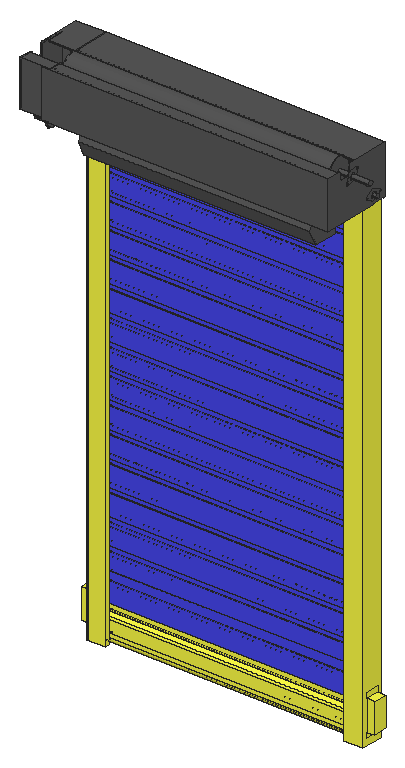
Revit family "Door_Overhead_WD_High-Speed-Doors-887", category Doors, host Wall, Revit 2018 (continued)
Definition of nested family "Roller Box"
  Dimensions and locks (in)
    locked: Extrusion 16 sketch curve to plane 9 at 0.94392  (x2)
    Revolve 8 sketch curve to Revolve 8 sketch curve to plane 25 = 1.36201" locked, 2.26356" locked
    locked: plane 13 to plane 39 "Center L/T" at 0.22803
    locked: plane 40 to plane 10 at 0.25
    locked: plane 9 to plane 41 at 4.20062
    "D": plane 43 to plane 42
    "A": plane 8 to plane 33
    locked: plane 8 to plane 36 at 1.9964
    locked: plane 45 "Center L/V" to plane 4 "Left" at 4.25
    locked: plane 5 "Right" to plane 44 "Center L/U" at 4.25
    plane 10 to plane 45 "Center L/V" = 20.03187"
    plane 44 "Center L/U" to plane 18 "9" = 17.875"
    plane 13 to plane 18 "9" = 9.12499"
    aligned and locked: plane 2 to level
    aligned and locked: plane 16 "5" to Extrusion 1
    aligned and locked: plane 9 to Extrusion 3 sketch curve
    aligned and locked: plane 8 to Extrusion 3 sketch curve
    aligned and locked: plane 19 to Extrusion 4 sketch curve  (x2)
    aligned and locked: Extrusion 4 to plane 6
    aligned and locked: Extrusion 3 to plane 6
    aligned and locked: Extrusion 4 to plane 15 "4"
    aligned and locked: Extrusion 2 to plane 5 "Right"
    aligned and locked: plane 4 "Left" to Extrusion 2
    aligned and locked: plane 19 to Extrusion 5 sketch curve
    aligned and locked: plane 19 to Extrusion 6 sketch curve
    aligned and locked: Extrusion 6 to plane 18 "9"
    aligned and locked: plane 20 to Extrusion 7 sketch curve
    aligned and locked: Extrusion 7 to plane 17 "8"
    aligned and locked: Revolve 8 sketch curve to plane 25
    aligned and locked: Extrusion 11 sketch curve to plane 24 "13"
    aligned and locked: plane 26 "14" to Extrusion 11 sketch curve
    aligned and locked: Extrusion 11 to plane 20
    aligned and locked: Extrusion 5 to plane 15 "4"
    aligned and locked: Extrusion 5 to plane 7
    aligned and locked: Extrusion 12 to plane 22 "11"
    aligned and locked: Extrusion 3 to plane 13
    aligned and locked: Extrusion 2 sketch curve to plane 14 "2"
    aligned and locked: Extrusion 2 sketch curve to plane 9
    aligned and locked: plane 30 to Extrusion 4 sketch curve  (x2)
    aligned and locked: plane 30 to Extrusion 5 sketch curve
    aligned and locked: plane 30 to Extrusion 6 sketch curve
    aligned and locked: plane 13 to Extrusion 16
    aligned and locked: Extrusion 16 to plane 12
    aligned and locked: Extrusion 15 to plane 11
    aligned and locked: Extrusion 15 to plane 10
    aligned and locked: plane 32 to Extrusion 7 sketch curve
    aligned and locked: plane 8 to Extrusion 17 sketch curve
    aligned and locked: Extrusion 17 to plane 10
    aligned and locked: plane 6 to Extrusion 17
    aligned and locked: Extrusion 15 sketch curve to Extrusion 17
    aligned and locked: plane 8 to Extrusion 11
    aligned and locked: Extrusion 3 to plane 9  (x2)
    aligned and locked: Extrusion 3 sketch curve to Extrusion 1
    aligned and locked: Extrusion 16 to Extrusion 3
    aligned and locked: Revolve 9 sketch curve to plane 9
    aligned and locked: Extrusion 17 to Revolve 9 sketch curve
    aligned and locked: Extrusion 10 sketch curve to plane 20
    aligned and locked: level to plane 33
    aligned and locked: Extrusion 1 to plane 13
    aligned and locked: plane 32 to Extrusion 18 sketch curve
    aligned and locked: plane 20 to Extrusion 18 sketch curve
    aligned and locked: Extrusion 18 to plane 7
    aligned and locked: Extrusion 19 sketch curve to plane 12
    aligned and locked: plane 37 to Extrusion 19
    aligned and locked: Extrusion 20 to plane 6
    aligned and locked: plane 7 to Extrusion 20
    aligned and locked: Extrusion 3 to plane 1 "Center (Front/Back)"
    aligned and locked: Extrusion 20 to Extrusion 21 sketch curve
    aligned and locked: plane 25 to Extrusion 21 sketch curve
    aligned and locked: plane 37 to Extrusion 21 sketch curve
    aligned and locked: Extrusion 21 to plane 6
    aligned and locked: plane 32 to Extrusion 3 sketch curve
    aligned and locked: Extrusion 1 to Extrusion 17
    aligned and locked: Extrusion 22 to Extrusion 1
    aligned and locked: Extrusion 22 to plane 12
    aligned and locked: Extrusion 22 to plane 7
    aligned and locked: Extrusion 23 sketch curve to Extrusion 1
    aligned and locked: Extrusion 1 to Extrusion 23 sketch curve
    aligned and locked: Extrusion 23 sketch curve to Extrusion 22
    aligned and locked: Extrusion 23 to plane 6
    aligned and locked: Extrusion 23 to plane 7
    aligned and locked: Extrusion 22 to Extrusion 23 sketch curve
    aligned and locked: Extrusion 22 sketch curve to Extrusion 1
    aligned and locked: plane 20 to Sweep 24 sketch curve
    aligned and locked: Sweep 24 sketch curve to plane 38
    aligned and locked: Sweep 24 sketch curve to profile plane
    aligned and locked: Extrusion 25 sketch curve to Extrusion 17
    aligned and locked: Extrusion 1 to Extrusion 25 sketch curve
    aligned and locked: Extrusion 25 sketch curve to Extrusion 23  (x2)
    aligned and locked: Extrusion 25 to plane 12
    aligned and locked: Extrusion 26 sketch curve to plane 30
    aligned and locked: Extrusion 26 sketch curve to plane 34
    aligned and locked: Extrusion 26 sketch curve to plane 20
    aligned and locked: Extrusion 26 sketch curve to plane 9
    aligned and locked: plane 12 to Sweep 27 sketch curve
    aligned and locked: plane 7 to Sweep 27 sketch curve
    aligned and locked: plane 12 to Extrusion 26
    aligned and locked: Extrusion 26 to Extrusion 25
    aligned and locked: Extrusion 28 sketch curve to plane 20
    aligned and locked: Extrusion 28 sketch curve to plane 34
    aligned and locked: Extrusion 28 sketch curve to plane 30
    aligned and locked: Extrusion 28 sketch curve to plane 9
    aligned and locked: Extrusion 28 to plane 6
    aligned and locked: plane 7 to Extrusion 28
    aligned and locked: plane 20 to Extrusion 29 sketch curve
    aligned and locked: plane 32 to Extrusion 29 sketch curve
    aligned and locked: Extrusion 29 to plane 7
    aligned and locked: plane 30 to Extrusion 30 sketch curve
    aligned and locked: plane 19 to Extrusion 30 sketch curve
    aligned and locked: Extrusion 30 to plane 13
    aligned and locked: plane 16 "5" to Extrusion 6
    aligned and locked: Revolve 8 sketch curve to Revolve 8 sketch curve
    aligned and locked: Extrusion 30 to plane 39 "Center L/T"
    aligned and locked: plane 13 to Extrusion 30
    aligned and locked: plane 20 to Extrusion 31 sketch curve  (x3)
    aligned and locked: plane 32 to Extrusion 31 sketch curve
    aligned and locked: Extrusion 31 to plane 13
    aligned and locked: Extrusion 31 to plane 39 "Center L/T"
    aligned and locked: plane 16 "5" to Extrusion 7
    aligned and locked: Extrusion 32 sketch curve to cut or joined group of Extrusion 1, Extrusion 3, Extrusion 16, Extrusion 32  (x7)
    aligned and locked: cut or joined group of Extrusion 1, Extrusion 3, Extrusion 16, Extrusion 32 to Extrusion 32 sketch curve
    aligned and locked: Extrusion 32 sketch curve to plane 31
    aligned and locked: Extrusion 32 sketch curve to plane 27
    aligned and locked: Extrusion 32 sketch curve to plane 35
    aligned and locked: Extrusion 32 to plane 6
    aligned and locked: Extrusion 32 to plane 7
    aligned and locked: plane 15 "4" to Sweep 33 sketch curve
    aligned and locked: plane 7 to Sweep 33 sketch curve
    aligned and locked: Extrusion 3 sketch curve to plane 9
    aligned and locked: Extrusion 19 to cut or joined group of Extrusion 1, Extrusion 3, Extrusion 16, Extrusion 32
    aligned and locked: Extrusion 20 to cut or joined group of Extrusion 1, Extrusion 3, Extrusion 16, Extrusion 32
    aligned and locked: plane 41 to Sweep 24 sketch curve
    aligned and locked: Extrusion 2 to plane 43
    aligned and locked: plane 42 to Extrusion 2 sketch curve
    aligned and locked: cut or joined group of Extrusion 11, Extrusion 15, Extrusion 17 to Extrusion 3 sketch curve
    aligned and locked: Extrusion 21 to plane 44 "Center L/U"
    aligned and locked: Extrusion 29 to Extrusion 21
    aligned and locked: Sweep 24 to Extrusion 21
    aligned and locked: Extrusion 18 to Extrusion 21
  Automatic sketch dimensions
    Extrusion 1 sketch curve to plane 31 = 0.000"
    Extrusion 1 sketch curve to Extrusion 1 sketch curve = 0.375"  (x2)
    plane 36 to Extrusion 1 sketch curve = 0.44032"
    plane 28 to Extrusion 1 sketch curve = 4.53019"
    plane 9 to Extrusion 1 sketch curve = 0.37492"
    plane 29 "Center L/S" to Extrusion 2 sketch curve = 0.000"
    plane 30 to Extrusion 2 sketch curve = 5.38958"  (x2)
    Extrusion 3 sketch curve to plane 1 "Center (Front/Back)" = 0.000"
    Extrusion 3 sketch curve to plane 30 = 1.51483"
    Extrusion 3 sketch curve to plane 31 = 0.000"
    plane 22 "11" to Revolve 8 sketch curve = 0.000"
    plane 21 "10" to Revolve 8 sketch curve = 0.000"
    Revolve 8 sketch curve to plane 25 = 0.000"
    plane 21 "10" to Revolve 8 sketch curve = 0.17125"
    Revolve 8 sketch curve to plane 22 "11" = 0.15565"
    Revolve 8 sketch curve to plane 18 "9" = 60.59535"
    Revolve 8 sketch curve to plane 10 = 62.60715"
    Revolve 9 sketch curve to plane 25 = 0.000"
    plane 30 to Revolve 9 sketch curve = 1.1476"
    Revolve 9 sketch curve to Revolve 9 sketch curve = 0.24397"
    Revolve 9 sketch curve to Revolve 9 sketch curve = 0.58575"
    Revolve 9 sketch curve to plane 28 = 1.38474"
    Revolve 9 sketch curve to Revolve 9 sketch curve = 0.18299"
    Revolve 9 sketch curve to plane 28 = 1.20175"
    Revolve 9 sketch curve to Revolve 9 sketch curve = 0.000"
    Revolve 9 sketch curve to Revolve 9 sketch curve = 0.11116"
    Revolve 9 sketch curve to Revolve 9 sketch curve = 0.59354"
    plane 28 to Revolve 9 sketch curve = 0.68956"
    plane 28 to Revolve 9 sketch curve = 1.56243"
    Revolve 9 sketch curve to plane 25 = 0.70237"
    Revolve 9 sketch curve to Revolve 9 sketch curve = 0.27092"
    Revolve 9 sketch curve to Revolve 9 sketch curve = 0.86398"
    plane 28 to Revolve 9 sketch curve = 2.2648"
    Revolve 9 sketch curve to level = 24.82535"
    plane 8 to Revolve 9 sketch curve = 55.89085"
    Extrusion 10 sketch curve to plane 31 = 3.87403"
    Extrusion 10 sketch curve to Extrusion 10 sketch curve = 0.37843"
    Extrusion 10 sketch curve to Extrusion 10 sketch curve = 0.08358"
    Extrusion 10 sketch curve to Extrusion 10 sketch curve = 0.79575"
    Extrusion 10 sketch curve to plane 31 = 1.51314"
    Extrusion 10 sketch curve to Extrusion 10 sketch curve = 0.26314"
    plane 24 "13" to Extrusion 11 sketch curve = 0.250"
    plane 30 to Extrusion 11 sketch curve = 1.76483"
    plane 27 to Extrusion 11 sketch curve = 0.69899"
    Extrusion 11 sketch curve to Extrusion 11 sketch curve = 0.250"
    Extrusion 12 sketch curve to plane 9 = 0.000"
    Extrusion 12 sketch curve to plane 25 = 0.000"
    Extrusion 12 sketch curve to plane 28 = 0.69351"
    plane 29 "Center L/S" to Extrusion 12 sketch curve = 0.28387"
    plane 28 to Extrusion 12 sketch curve = 2.79827"
    Extrusion 12 sketch curve to plane 29 "Center L/S" = 0.4894"
    Extrusion 12 sketch curve to Extrusion 12 sketch curve = 1.57458"
    plane 28 to Extrusion 12 sketch curve = 4.86548"
    Extrusion 13 sketch curve to Extrusion 13 sketch curve = 0.000"  (x4)
    plane 28 to Extrusion 13 sketch curve = 0.74635"
    Extrusion 13 sketch curve to plane 25 = 0.37864"
    Extrusion 13 sketch curve to Extrusion 13 sketch curve = 1.57973"
    Extrusion 13 sketch curve to Extrusion 13 sketch curve = 0.00001"  (x2)
    Extrusion 13 sketch curve to Extrusion 13 sketch curve = 1.57972"
    Extrusion 13 sketch curve to plane 25 = 0.87601"
    Extrusion 13 sketch curve to plane 25 = 0.87604"
    plane 25 to Extrusion 13 sketch curve = 1.33396"
    plane 28 to Extrusion 13 sketch curve = 0.40293"
    plane 28 to Extrusion 13 sketch curve = 0.26499"
    Extrusion 13 sketch curve to Extrusion 13 sketch curve = 0.34341"
    Extrusion 13 sketch curve to plane 25 = 0.53393"
    Extrusion 14 sketch curve to plane 9 = 0.000"
    Extrusion 14 sketch curve to plane 28 = 0.21326"
    plane 28 to Extrusion 14 sketch curve = 0.21643"
    Extrusion 14 sketch curve to plane 25 = 0.03796"
    plane 28 to Extrusion 14 sketch curve = 0.96782"
    Extrusion 14 sketch curve to plane 25 = 0.03798"
    Extrusion 14 sketch curve to Extrusion 14 sketch curve = 2.71654"
    Extrusion 14 sketch curve to plane 25 = 1.54757"
    Extrusion 14 sketch curve to Extrusion 14 sketch curve = 0.75138"
    Extrusion 14 sketch curve to plane 25 = 0.40151"
    Extrusion 14 sketch curve to Extrusion 14 sketch curve = 1.12376"
    Extrusion 14 sketch curve to Extrusion 14 sketch curve = 0.00002"
    Extrusion 14 sketch curve to Extrusion 14 sketch curve = 0.00003"
    Extrusion 14 sketch curve to plane 28 = 0.15546"
    Extrusion 14 sketch curve to Extrusion 14 sketch curve = 0.000"  (x2)
    Extrusion 14 sketch curve to Extrusion 14 sketch curve = 0.36506"
    Extrusion 14 sketch curve to Extrusion 14 sketch curve = 0.00008"
    Extrusion 14 sketch curve to Extrusion 14 sketch curve = 0.00054"
    Extrusion 15 sketch curve to plane 8 = 0.000"
    Extrusion 15 sketch curve to plane 1 "Center (Front/Back)" = 0.000"
    Extrusion 15 sketch curve to plane 36 = 0.18161"
    plane 28 to Extrusion 15 sketch curve = 4.30649"
    Extrusion 15 sketch curve to Extrusion 15 sketch curve = 0.07837"
    Extrusion 15 sketch curve to Extrusion 15 sketch curve = 1.000"
    Extrusion 15 sketch curve to Extrusion 15 sketch curve = 0.69579"
    Extrusion 15 sketch curve to Extrusion 15 sketch curve = 0.30421"
    plane 19 to Extrusion 15 sketch curve = 0.81261"
    Extrusion 15 sketch curve to plane 28 = 1.81303"
    plane 30 to Extrusion 15 sketch curve = 0.88048"
    plane 30 to Extrusion 15 sketch curve = 0.13048"
    Extrusion 15 sketch curve to Extrusion 15 sketch curve = 0.95261"
    plane 36 to Extrusion 15 sketch curve = 0.81532"
    Extrusion 15 sketch curve to Extrusion 15 sketch curve = 0.000"
    Extrusion 17 sketch curve to plane 1 "Center (Front/Back)" = 0.000"  (x2)
    Extrusion 17 sketch curve to plane 30 = 1.51483"
    plane 36 to Extrusion 17 sketch curve = 0.81532"
    plane 28 to Extrusion 17 sketch curve = 4.53019"
    Extrusion 17 sketch curve to plane 31 = 1.250"
    Extrusion 17 sketch curve to Extrusion 17 sketch curve = 0.375"  (x3)
    Extrusion 18 sketch curve to Extrusion 18 sketch curve = 0.000"  (x2)
    Extrusion 19 sketch curve to plane 12 = 0.188"
    plane 1 "Center (Front/Back)" to Extrusion 19 sketch curve = 0.563"
    Extrusion 19 sketch curve to Extrusion 19 sketch curve = 0.750"
    Extrusion 19 sketch curve to Extrusion 19 sketch curve = 1.09223"
    Extrusion 20 sketch curve to plane 1 "Center (Front/Back)" = 0.375"
    Extrusion 20 sketch curve to plane 7 = 0.000"
    Extrusion 20 sketch curve to plane 6 = 0.000"
    Extrusion 20 sketch curve to plane 1 "Center (Front/Back)" = 0.563"
    Extrusion 20 sketch curve to plane 7 = 0.688"
    Extrusion 20 sketch curve to Extrusion 20 sketch curve = 1.09223"
    plane 1 "Center (Front/Back)" to Extrusion 21 sketch curve = 1.28023"
    plane 9 to Extrusion 21 sketch curve = 0.36971"
    Extrusion 21 sketch curve to plane 38 = 1.92245"
    plane 9 to Extrusion 21 sketch curve = 0.37492"
    Extrusion 21 sketch curve to Extrusion 21 sketch curve = 0.20501"
    Extrusion 21 sketch curve to Extrusion 21 sketch curve = 0.188"
    Extrusion 21 sketch curve to Extrusion 21 sketch curve = 0.20289"
    Extrusion 21 sketch curve to plane 20 = 0.97073"
    Extrusion 21 sketch curve to Extrusion 21 sketch curve = 0.04168"
    Extrusion 22 sketch curve to plane 31 = 0.375"  (x2)
    Extrusion 22 sketch curve to Extrusion 22 sketch curve = 0.08495"  (x4)
    Extrusion 22 sketch curve to Extrusion 22 sketch curve = 0.09864"  (x4)
    plane 36 to Extrusion 22 sketch curve = 0.04616"  (x2)
    Extrusion 22 sketch curve to Extrusion 22 sketch curve = 0.33874"  (x2)
    Extrusion 22 sketch curve to Extrusion 22 sketch curve = 0.26633"  (x4)
    plane 36 to Extrusion 22 sketch curve = 0.27177"
    Extrusion 22 sketch curve to Extrusion 22 sketch curve = 1.78988"  (x2)
    Extrusion 22 sketch curve to plane 20 = 1.73071"
    Extrusion 22 sketch curve to plane 20 = 0.79988"
    Extrusion 22 sketch curve to Extrusion 22 sketch curve = 0.15515"  (x2)
    Extrusion 22 sketch curve to plane 36 = 0.88467"
    Extrusion 22 sketch curve to Extrusion 22 sketch curve = 0.22561"  (x2)
    Extrusion 22 sketch curve to Extrusion 22 sketch curve = 0.170"
    Extrusion 22 sketch curve to plane 20 = 0.81632"
    Extrusion 22 sketch curve to Extrusion 22 sketch curve = 0.01644"  (x2)
    Extrusion 22 sketch curve to plane 36 = 0.96823"
    Extrusion 22 sketch curve to Extrusion 22 sketch curve = 0.08356"  (x2)
    profile plane to Sweep 24 sketch curve = 0.05859"
    profile plane to Sweep 27 sketch curve = 3.73064"
    Sweep 27 sketch curve to Sweep 27 sketch curve = 0.188"  (x11)
    Sweep 27 sketch curve to Sweep 27 sketch curve = 0.64809"
    Sweep 27 sketch curve to Sweep 27 sketch curve = 0.57668"
    plane 9 to Sweep 27 sketch curve = 0.37492"  (x2)
    Sweep 27 sketch curve to Sweep 27 sketch curve = 0.39829"
    Sweep 27 sketch curve to Sweep 27 sketch curve = 0.70166"
    Sweep 27 sketch curve to Sweep 27 sketch curve = 0.61788"
    Sweep 27 sketch curve to Sweep 27 sketch curve = 0.61647"
    plane 30 to Sweep 27 sketch curve = 0.000"
    Extrusion 30 sketch curve to Extrusion 30 sketch curve = 0.000"  (x8)
    plane 30 to Extrusion 30 sketch curve = 0.04596"
    Extrusion 30 sketch curve to Extrusion 30 sketch curve = 0.00343"
    plane 30 to Extrusion 30 sketch curve = 0.57794"
    plane 19 to Extrusion 30 sketch curve = 0.90034"
    Extrusion 30 sketch curve to plane 28 = 1.43169"
    Extrusion 30 sketch curve to plane 28 = 1.21375"
    Extrusion 30 sketch curve to Extrusion 30 sketch curve = 0.16251"
    Extrusion 30 sketch curve to Extrusion 30 sketch curve = 0.00608"
    Extrusion 30 sketch curve to plane 28 = 0.34459"
    Extrusion 30 sketch curve to plane 30 = 0.48482"
    Extrusion 30 sketch curve to plane 19 = 0.78955"
    Extrusion 30 sketch curve to plane 30 = 2.16878"
    Extrusion 30 sketch curve to plane 36 = 1.08512"
    Extrusion 30 sketch curve to plane 30 = 2.38098"
    Extrusion 30 sketch curve to Extrusion 30 sketch curve = 0.16858"
    Extrusion 30 sketch curve to Extrusion 30 sketch curve = 0.70057"
    Extrusion 30 sketch curve to plane 19 = 1.94366"
    Extrusion 30 sketch curve to Extrusion 30 sketch curve = 0.2625"
    Extrusion 30 sketch curve to Extrusion 30 sketch curve = 0.00529"
    Extrusion 30 sketch curve to Extrusion 30 sketch curve = 1.4678"
    Extrusion 30 sketch curve to Extrusion 30 sketch curve = 0.00086"
    Extrusion 30 sketch curve to Extrusion 30 sketch curve = 0.9986"
    plane 9 to Extrusion 15 sketch curve = 1.08594"
    Extrusion 16 sketch curve to plane 31 = 0.000"
    Extrusion 16 sketch curve to plane 8 = 0.000"
    Extrusion 16 sketch curve to plane 1 "Center (Front/Back)" = 0.000"
    Extrusion 16 sketch curve to plane 36 = 0.18161"
    plane 28 to Extrusion 16 sketch curve = 4.30649"
    Extrusion 16 sketch curve to Extrusion 16 sketch curve = 0.07837"
    Extrusion 16 sketch curve to Extrusion 16 sketch curve = 1.000"  (x2)
    Extrusion 16 sketch curve to Extrusion 16 sketch curve = 0.69579"
    plane 19 to Extrusion 16 sketch curve = 0.81261"
    Extrusion 16 sketch curve to plane 28 = 1.81303"
    plane 30 to Extrusion 16 sketch curve = 0.88048"
    plane 30 to Extrusion 16 sketch curve = 0.13048"
    plane 32 to Extrusion 16 sketch curve = 2.0305"  (x2)
    plane 1 "Center (Front/Back)" to Extrusion 16 sketch curve = 1.4605"  (x2)
    plane 9 to Extrusion 16 sketch curve = 0.37492"
    Extrusion 16 sketch curve to Extrusion 16 sketch curve = 0.95261"
    plane 36 to Extrusion 16 sketch curve = 0.81532"
    Extrusion 16 sketch curve to Extrusion 16 sketch curve = 0.000"
    Extrusion 31 sketch curve to Extrusion 31 sketch curve = 0.000"  (x7)
    Extrusion 31 sketch curve to Extrusion 31 sketch curve = 0.01263"  (x2)
    plane 32 to Extrusion 31 sketch curve = 0.00029"
    Extrusion 31 sketch curve to plane 27 = 0.89887"
    Extrusion 31 sketch curve to plane 27 = 0.83197"
    plane 20 to Extrusion 31 sketch curve = 0.01263"
    plane 27 to Extrusion 31 sketch curve = 1.45992"
    Extrusion 31 sketch curve to plane 20 = 0.65515"  (x2)
    Extrusion 31 sketch curve to Extrusion 31 sketch curve = 0.34144"  (x2)
    plane 20 to Extrusion 31 sketch curve = 0.66853"
    Extrusion 31 sketch curve to plane 32 = 0.00284"
    plane 37 to Extrusion 31 sketch curve = 0.3933"
    plane 35 to Extrusion 31 sketch curve = 1.02717"
    Extrusion 31 sketch curve to plane 38 = 0.69186"
    Extrusion 31 sketch curve to Extrusion 31 sketch curve = 0.36373"
    Extrusion 31 sketch curve to plane 20 = 2.03795"
    plane 20 to Extrusion 31 sketch curve = 0.06901"
    Extrusion 31 sketch curve to Extrusion 31 sketch curve = 0.00165"
    plane 35 to Extrusion 31 sketch curve = 0.99845"
    Extrusion 31 sketch curve to Extrusion 31 sketch curve = 0.00012"
    Extrusion 31 sketch curve to Extrusion 31 sketch curve = 0.00023"
    Extrusion 32 sketch curve to plane 37 = 0.803"
    Extrusion 32 sketch curve to plane 20 = 1.000"
    Extrusion 32 sketch curve to plane 27 = 0.000"
    Extrusion 32 sketch curve to plane 36 = 0.18161"
    Sweep 33 sketch curve to plane 34 = 0.000"
    Sweep 33 sketch curve to plane 35 = 0.000"
    Sweep 33 sketch curve to plane 37 = 0.000"
    Sweep 33 sketch curve to plane 36 = 0.000"
    Sweep 33 sketch curve to profile plane = 0.000"
    profile plane to Sweep 33 sketch curve = 0.05859"
    plane 1 "Center (Front/Back)" to Extrusion 3 sketch curve = 0.375"
    plane 1 "Center (Front/Back)" to Extrusion 19 sketch curve = 0.375"
    plane 27 to Extrusion 2 sketch curve = 5.000"
    Sweep 24 sketch curve to plane 3 "Center (Left/Right)" = 65.21426"
    plane 3 "Center (Left/Right)" to Sweep 24 sketch curve = 58.47325"
    radius of Extrusion 4 sketch curve = 6.375"
    radius of Extrusion 5 sketch curve = 6.250"
    radius of Extrusion 6 sketch curve = 1.09429"
    radius of Extrusion 7 sketch curve = 0.84527"
    radius of Extrusion 18 sketch curve = 2.75031"
    radius of Extrusion 18 sketch curve = 2.62626"
    radius of Extrusion 29 sketch curve = 2.62626"
    radius of Extrusion 30 sketch curve = 0.45356"  (x2)
    radius of Extrusion 30 sketch curve = 0.31373"  (x2)
    radius of Extrusion 30 sketch curve = 1.34121"
    radius of Extrusion 30 sketch curve = 1.250"
    radius of Extrusion 16 sketch curve = 0.250"  (x4)
    radius of Extrusion 31 sketch curve = 0.45356"  (x2)
    radius of Extrusion 31 sketch curve = 0.31373"  (x2)
    radius of Extrusion 31 sketch curve = 1.34121"
    radius of Extrusion 31 sketch curve = 1.250"
    radius of Extrusion 4 sketch curve = 6.250"
Types (3): name | Model | Air Curtain
  High Speed Freezer Door 887 - Heated Air Curtain | "High Speed Freezer Door 887 - Heated Air Curtain" | yes
  High Speed Freezer Door 887 - Without Air Curtain | "High Speed Freezer Door 887 - Without Air Curtain" | no
  High Speed Freezer Door 887 - Ambient Air Curtain | "High Speed Freezer Door 887 - Ambient Air Curtain" | yes
